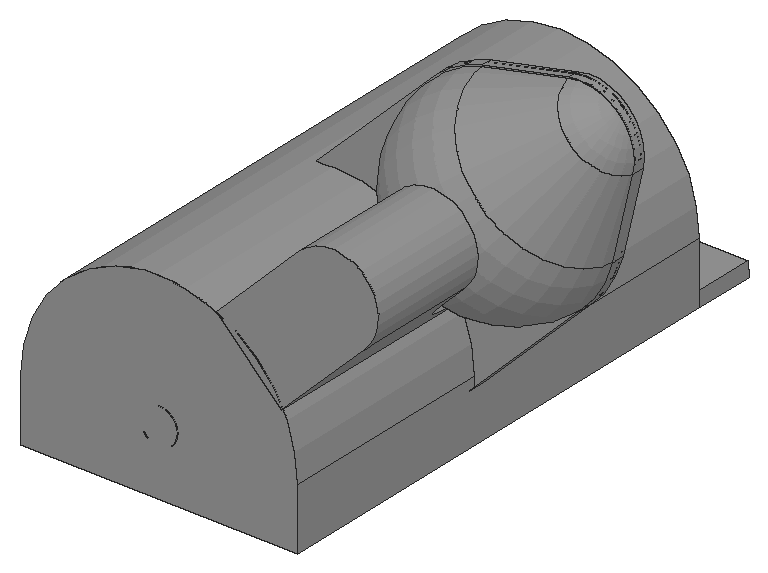
Revit family "Combination-Willoughby-ECF-1806-R-ON", category Plumbing Fixtures, Revit 2015
Parameters (values of type "Standard")
  Waste DIA = 2 3/8"
  Waste Connection = yes
  W-RAD [instance] = Waste DIA / 2  # 0' - 1 3/16"
  Vent Connection = no
  URL = "https://www.willoughby-ind.com/wp-content/uploads/2017/12/1806.pdf"
  Revision = "A"
  Model = "ECF-1806-R-ON"
  Manufacturer = "Willoughby Industries"
  Lav Waste DIA = 1 1/2"
  Lav Waste Connection = yes
  L-RAD [instance] = Lav Waste DIA / 2  # 0' - 0 3/4"
  HW Connection = no
  Flush inlet DIA = 1 1/2"
  Flush Inlet Connection = yes
  Fixture Body = Stainless Steel AISI 304-Willoughby
  F-RAD [instance] = Flush inlet DIA / 2  # 0' - 0 3/4"
  Description = "1806 Combination Unit, Wall toilet waste outlet, Right toilet, On Floor mounted, 1.28 GPM"
  Default Elevation = 0' - 0"
  Contact Number = "(800) 428-4065"
  CW Connection = no
Reference planes (in)
  plane 1 "Center (Front/Back)": y = -16.25
  plane 2: z = 0
  plane 3 "Center (Left/Right)": x = 0
  plane 4 "Base": y = -16.25
  plane 5 "Rim hight": y = -1.5
  plane 6 "Seat height": y = -1.25
  plane 7: y = 20.25
  plane 8 "Waste offset": x = 0
  plane 9 "Lwaste ht": y = 8
  plane 10 "flush inlet HT": y = 4.25
  plane 11 "Left Sweep": through (11.84696, 0, 16.09696) normal (0.7071, 0, -0.7071)
  plane 12 "Right Sweep": through (-12.20051, 0, 16.45051) normal (0.7071, 0, 0.7071)
  plane 13: through (-55.90549, 0, 60.15549) normal (-0.7071, 0, -0.7071)
  plane 14: x = 6.375
  plane 15: x = 9
  plane 16 "Floor Waste": z = 4.25
Forms (in)
  Extrusion 1, solid, material "Stainless Steel AISI 304-Willoughby" <- "Fixture Body"
    sketch origin (0, -16.25, 0) x (1, 0, 0) y (0, 0, 1)
      loop
        line (9, 0) -> (9, 1) -> (-9, 1) -> (-9, 0) -> (9, 0)
    from -36.5 to -32.5
  Extrusion 2, solid, material "Stainless Steel AISI 304-Willoughby" <- "Fixture Body"
    sketch origin (-3.35108, 10.5, 0.89892) x (0.707107, 0, -0.707107) y (0.707107, 0, 0.707107)
      loop
        line (6.0079, 24.25317) -> (2.96593, 29.1083)
        arc (2.96593, 29.1083) -> (0, 30.75) -> (-2.96593, 29.1083) r 3.5
        line (-2.96593, 29.1083) -> (-6.0079, 24.25317)
        arc (-6.0079, 24.25317) -> (-6.68213, 22.74625) -> (-6.9847, 21.12334) r 7
        line (-6.9847, 21.12334) -> (-6.9847, 10.08034)
        arc (-6.9847, 10.08034) -> (0, 12.9735) -> (6.9847, 10.08034) r 9.87786
        line (6.9847, 10.08034) -> (6.9847, 20.19825)
        arc (6.9847, 20.19825) -> (6.80533, 22.30015) -> (6.0079, 24.25317) r 7
      loop
        line (4.24214, 22.50332) -> (1.839, 28.03617)
        arc (1.839, 28.03617) -> (0, 29.25) -> (-1.839, 28.03617) r 2
        line (-1.839, 28.03617) -> (-4.24214, 22.50332)
        arc (-4.24214, 22.50332) -> (0, 16.0358) -> (4.24214, 22.50332) r 4.625
    from 11.75 to 12.5
  Revolve 3, solid, material "Stainless Steel AISI 304-Willoughby" <- "Fixture Body"
    sketch origin (-3.35108, -1.5, 0.89892) x (0.707107, 0, -0.707107) y (0.707107, 0, 0.707107)
      loop
        arc (0, 13.6608) -> (6.08879, 17.20729) -> (6.0079, 24.25317) r 7
        line (6.0079, 24.25317) -> (2.96593, 29.1083)
        arc (2.96593, 29.1083) -> (1.69499, 30.31219) -> (0, 30.75) r 3.5
        line (0, 30.75) -> (0, 30.5)
        arc (0, 30.5) -> (1.57353, 30.09368) -> (2.75361, 28.97631) r 3.25
        line (2.75361, 28.97631) -> (5.71903, 24.24621)
        arc (5.71903, 24.24621) -> (5.9061, 17.39269) -> (0, 13.9108) r 6.75
        line (0, 13.9108) -> (0, 13.6608)
      axis (0, 13.6608) -> (0, 30.75)
    angle from 0 to -180
  Extrusion 4, solid, material "Stainless Steel AISI 304-Willoughby" <- "Fixture Body"
    sketch origin (0, -3.25, -9.00365) x (1, 0, 0) y (0, 0, -1)
      loop
        circle (0, -13.25) r 1.1875
    from -13 to -11.36225
  Extrusion 5, solid, material "Stainless Steel AISI 304-Willoughby" <- "Fixture Body"
    sketch origin (0, 0, 0) x (1, 0, 0) y (0, 1, 0)
      loop
        circle (0, 8) r 0.75
    from -3 to 1
  Extrusion 6, solid, material "Stainless Steel AISI 304-Willoughby" <- "Fixture Body"
    sketch origin (0, 0, 0) x (1, 0, 0) y (0, 1, 0)
      loop
        circle (6.375, 4.25) r 0.75
    from 0 to 1
  Extrusion 7, solid, material "Stainless Steel AISI 304-Willoughby" <- "Fixture Body"
    sketch origin (-77.55739, -16.25, -24.30859) x (1, 0, 0) y (0, 0, 1)
      loop
        line (86.55739, 24.30859) -> (86.55739, 28.33218)
        arc (86.55739, 28.33218) -> (77.55739, 37.33218) -> (68.55739, 28.33218) r 9
        line (68.55739, 28.33218) -> (68.55739, 24.30859) -> (86.55739, 24.30859)
    from -32.5 to 0
  Revolve 8, void
    sketch origin (-0.04219, 16.25, -0.04963) x (1, 0, 0) y (0, 0, 1)
      loop
        spline (6.44903, 7.42683) -> (6.2318, 8.59152) -> (5.59494, 9.67683) -> (4.58183, 10.60881) -> (3.26153, 11.32395) -> (1.724, 11.7735) -> (0.07403, 11.92683) -> (-1.57595, 11.7735) -> (-3.11347, 11.32395) -> (-4.43378, 10.60881) -> (-5.44689, 9.67683) -> (-6.08375, 8.59152) -> (-6.30097, 7.42683)
        line (-6.30097, 7.42683) -> (6.44903, 7.42683)
      axis (6.44903, 7.42683) -> (-6.30097, 7.42683)
    angle from 0 to -180
  Extrusion 9, solid, material "Stainless Steel AISI 304-Willoughby" <- "Fixture Body"
    sketch origin (-39.78935, -16.25, -4.29532) x (0.707107, 0, -0.707107) y (0.707107, 0, 0.707107)
      loop
        line (25.09287, 42.44124) -> (25.09287, 50.05781)
        arc (25.09287, 50.05781) -> (22.09287, 53.05781) -> (19.09287, 50.05781) r 3
        line (19.09287, 50.05781) -> (19.09287, 42.44124) -> (25.09287, 42.44124)
    from 0 to -8.02482
  Extrusion 10, solid, material "Stainless Steel AISI 304-Willoughby" <- "Fixture Body"
    sketch origin (-3.35876, 0, 0.89124) x (0, 1, 0) y (0.707107, 0, 0.707107)
      loop
        line (-8.22518, 13.01347) -> (-2, 13.01347) -> (-2, 13.69664)
        arc (-2, 13.69664) -> (-5.86283, 15.126) -> (-8.22518, 18.5) r 6.90673
        line (-8.22518, 18.5) -> (-8.22518, 13.01347)
    from -3 to 3
Cuts and joins
  Revolve 8 cuts Extrusion 7
  joined: Extrusion 9, Extrusion 10
Lines and regions (in)
  model lines, detail levels coarse+medium
    curve 1: line (9, -16.25, 0) -> (9, -16.25, 1.0625)
    curve 2: line (-9, -16.25, 1.0625) -> (-9, -16.25, 0)
    curve 3: line (9, -16.25, 4.02359) -> (9, -16.25, 1.0625)
    curve 4: line (-9, -16.25, 1.0625) -> (-9, -16.25, 4.02359)
  symbolic lines
    curve 5: line (-9, -16.25, 0) -> (9, -16.25, 0)
    curve 6: line (9, -16.25, 0) -> (9, -16.25, 4.02359)
    curve 7: line (-9, -16.25, 0) -> (-9, -16.25, 4.02359)
    curve 8: arc (-9, -16.25, 4.02359) -> (0, -16.25, 13.02359) -> (9, -16.25, 4.02359) r 9
    curve 12: line (9, -16.25, 3.37214) -> (15.87017, -16.25, 10.24231)
    curve 13: line (18.04672, -16.25, 13.80027) -> (19.32882, -16.25, 19.38436)
    curve 14: arc (19.32882, -16.25, 19.38436) -> (19.28141, -16.25, 21.13434) -> (18.39245, -16.25, 22.64245) r 3.5
    curve 15: arc (18.39245, -16.25, 22.64245) -> (16.88434, -16.25, 23.53141) -> (15.13436, -16.25, 23.57882) r 3.5
    curve 16: line (15.13436, -16.25, 23.57882) -> (9.69373, -16.25, 22.33122)
    curve 17: arc (9.69373, -16.25, 22.33122) -> (7.66855, -16.25, 21.51777) -> (5.99231, -16.25, 20.12017) r 7
    curve 18: line (5.99231, -16.25, 20.12017) -> (-1.18226, -16.25, 12.9456)
    curve 24: arc (15.87017, -16.25, 10.24231) -> (17.24857, -16.25, 11.84381) -> (18.04672, -16.25, 13.80027) r 6.56384
    curve 25: line (0, -16.25, 0) -> (0, 20.25, 0)
    curve 26: line (0, 20.25, 0) -> (0, 20.25, 1)
    curve 27: line (0, 20.25, 1) -> (0, 16.25, 1)
    curve 28: line (0, 16.25, 1) -> (0, 16.25, 13.02359)
    curve 29: line (0, 16.25, 13.02359) -> (0, -16.25, 13.02359)
    curve 30: line (0, -16.25, 13.02359) -> (0, -16.25, 0)
    curve 31: line (0, -2, 8.53425) -> (0, -2, 3.38322)
    curve 32: line (0, -2, 3.38322) -> (0, -1.25, 3.38322)
    curve 33: line (0, -1.25, 3.38322) -> (0, -1.25, 23.66758)
    curve 34: line (0, -1.25, 23.66758) -> (0, -2, 23.66758)
    curve 35: arc (0, -2, 23.66758) -> (0, -2.97383, 23.32674) -> (0, -3.84197, 22.76919) r 4.41512
    curve 36: line (0, -3.84197, 22.76919) -> (0, -5.84484, 21.00201)
    curve 37: arc (0, -5.84484, 21.00201) -> (0, -7.44998, 19.21416) -> (0, -8.33365, 16.97989) r 6.80427
    curve 38: line (0, -8.33365, 16.97989) -> (0, -16.25, 16.97989)
    curve 39: arc (0, -2, 8.53425) -> (0, -5.01664, 9.44629) -> (0, -7.31482, 11.60276) r 6.91192
    curve 40: arc (0, -7.31482, 11.60276) -> (0, -8.02928, 13.07924) -> (0, -8.31912, 14.69369) r 6.02607
    curve 41: line (0, -8.31912, 14.69369) -> (0, -8.31912, 16.94369)
    curve 42: line (0, -4.86433, 9.36091) -> (0, -16.25, 9.36091)
    curve 43: line (-9, -16.25, 0) -> (-9, 20.25, 0)
    curve 44: line (-9, 20.25, 0) -> (9, 20.25, 0)
    curve 45: line (9, 20.25, 0) -> (9, -16.25, 0)
    curve 46: line (9, -16.25, 0) -> (-9, -16.25, 0)
    curve 47: line (-9, 16.25, 0) -> (9, 16.25, 0)
    curve 48: line (-1.16214, -2, 0) -> (4.25687, -2, 0)
    curve 49: arc (4.25687, -2, 0) -> (5.8291, -5.91885, 0) -> (9.36833, -8.2217, 0) r 7.00373
    curve 50: arc (9.36833, -8.2217, 0) -> (11.03885, -8.47892, 0) -> (12.72325, -8.33886, 0) r 7.18676
    curve 51: arc (12.72325, -8.33886, 0) -> (14.41888, -7.74661, 0) -> (15.89468, -6.72293, 0) r 6.66221
    curve 52: line (15.89468, -6.72293, 0) -> (18.52141, -3.84237, 0)
    curve 53: arc (18.52141, -3.84237, 0) -> (19.10241, -2.98584, 0) -> (19.41758, -2, 0) r 3.62355
    curve 54: line (19.41758, -2, 0) -> (19.41758, -1.25, 0)
    curve 55: line (19.41758, -1.25, 0) -> (-1.16214, -1.25, 0)
    curve 56: line (-1.16214, -1.25, 0) -> (-1.16214, -2, 0)
    curve 57: line (5.10781, -4.85514, 0) -> (5.10781, -16.25, 0)
    curve 58: line (12.72325, -8.33886, 0) -> (12.72325, -16.25, 0)
    curve 59: line (12.72325, -16.25, 0) -> (6.375, -16.25, 0)
    curve 60: line (0, -16.25, 16.97989) -> (0, -16.25, 9.36091)
  symbolic lines, detail levels medium+fine
    curve 9: line (9, -16.25, 1) -> (-9, -16.25, 1)
  symbolic lines, detail levels fine
    curve 10: spline (6.40684, -16.25, 7.3772) -> (6.18962, -16.25, 6.21252) -> (5.55275, -16.25, 5.1272) -> (4.53965, -16.25, 4.19522) -> (3.21934, -16.25, 3.48009) -> (1.68181, -16.25, 3.03054) -> (0.03184, -16.25, 2.8772) -> (-1.61813, -16.25, 3.03054) -> (-3.15566, -16.25, 3.48009) -> (-4.47597, -16.25, 4.19522) -> (-5.48907, -16.25, 5.1272) -> (-6.12594, -16.25, 6.21252) -> (-6.34316, -16.25, 7.3772)
    curve 11: spline (-6.34316, -16.25, 7.3772) -> (-6.12594, -16.25, 8.54189) -> (-5.48907, -16.25, 9.6272) -> (-4.47597, -16.25, 10.55918) -> (-3.15566, -16.25, 11.27432) -> (-1.61813, -16.25, 11.72387) -> (0.03184, -16.25, 11.8772) -> (1.68181, -16.25, 11.72387) -> (3.21934, -16.25, 11.27432) -> (4.53965, -16.25, 10.55918) -> (5.55275, -16.25, 9.6272) -> (6.18962, -16.25, 8.54189) -> (6.40684, -16.25, 7.3772)
    curve 19: line (15.17311, -16.25, 22.02386) -> (9.56153, -16.25, 19.81081)
    curve 20: arc (9.56153, -16.25, 19.81081) -> (7.98794, -16.25, 12.23794) -> (15.56081, -16.25, 13.81153) r 4.625
    curve 21: line (15.56081, -16.25, 13.81153) -> (17.77386, -16.25, 19.42311)
    curve 22: arc (17.77386, -16.25, 19.42311) -> (17.87353, -16.25, 20.56813) -> (17.33179, -16.25, 21.58179) r 2.01767
    curve 23: arc (17.33179, -16.25, 21.58179) -> (16.31813, -16.25, 22.12353) -> (15.17311, -16.25, 22.02386) r 2.01767
Dimensions and locks (in)
  locked: plane 6 "Seat height" to plane 5 "Rim hight" at 0.25
  plane 6 "Seat height" to plane 4 "Base" = 1' - 3"  (x2)
  locked: Extrusion 2 to Extrusion 2 at 0.75
  plane 9 "Lwaste ht" to plane 4 "Base" = 2' - 0 1/4"
  plane 10 "flush inlet HT" to plane 4 "Base" = 1' - 8 1/2"  (x2)
  plane 14 to plane 15 = 0' - 2 5/8"
  locked: cut or joined group of Extrusion 7, Revolve 8 to cut or joined group of Extrusion 7, Revolve 8 at 18
  plane 9 "Lwaste ht" to plane 1 "Center (Front/Back)" = 2' - 0 1/4"
  plane 2 to plane 16 "Floor Waste" = 0' - 4 1/4"
  plane 16 "Floor Waste" to level = 0' - 4 1/4"
  cut or joined group of Extrusion 7, Revolve 8 to plane 4 "Base" = 2' - 8 1/2"
  plane 4 "Base" to plane 7 = 3' - 0 1/2"
  Extrusion 1 to plane 15 = 1' - 6"
  locked: plane 3 "Center (Left/Right)" to plane 15 at 9
  "W-RAD": radius of Extrusion 4 sketch curve
  "L-RAD": radius of Extrusion 5 sketch curve
  "F-RAD": radius of Extrusion 6 sketch curve
  radius of cut or joined group of Extrusion 7, Revolve 8 = 0' - 9"
  aligned and locked: Extrusion 1 to plane 7
  aligned and locked: plane 8 "Waste offset" to Extrusion 4 sketch curve
  aligned and locked: plane 9 "Lwaste ht" to Extrusion 5 sketch curve
  aligned and locked: Extrusion 5 sketch curve to plane 8 "Waste offset"
  aligned and locked: plane 10 "flush inlet HT" to Extrusion 6 sketch curve
  aligned and locked: Extrusion 2 to plane 6 "Seat height"
  aligned and locked: Revolve 3 to plane 5 "Rim hight"
  aligned and locked: Revolve 8 sketch curve to Revolve 8 sketch curve
  aligned and locked: plane 14 to Extrusion 6 sketch curve
  aligned and locked: plane 15 to cut or joined group of Extrusion 7, Revolve 8
  aligned and locked: plane 1 "Center (Front/Back)" to Extrusion 7
  aligned and locked: Extrusion 7 to Extrusion 1  (x2)
  aligned and locked: Extrusion 1 to Extrusion 7
  aligned and locked: Extrusion 1 to cut or joined group of Extrusion 7, Revolve 8  (x2)
  aligned and locked: Extrusion 7 to level
  aligned and locked: Extrusion 7 to plane 15
  aligned and locked: Extrusion 1 to Extrusion 5
  aligned and locked: Extrusion 1 to level
Automatic sketch dimensions
  Extrusion 1 sketch curve to level = 0' - 0"
  level to Extrusion 1 sketch curve = 0' - 1"
  Extrusion 2 sketch curve to Extrusion 2 sketch curve = 0' - 0"  (x8)
  Extrusion 2 sketch curve to plane 11 "Left Sweep" = 0' - 0"  (x3)
  Extrusion 2 sketch curve to plane 11 "Left Sweep" = 0' - 1.839"
  Extrusion 2 sketch curve to Extrusion 2 sketch curve = 0' - 1.12693"  (x2)
  Extrusion 2 sketch curve to plane 11 "Left Sweep" = 0' - 4.24214"
  Extrusion 2 sketch curve to Extrusion 2 sketch curve = 0' - 1.76576"  (x2)
  plane 12 "Right Sweep" to Extrusion 2 sketch curve = 0' - 5.34119"
  Extrusion 2 sketch curve to plane 11 "Left Sweep" = 0' - 6.9847"
  plane 11 "Left Sweep" to Extrusion 2 sketch curve = 0' - 1.839"
  plane 11 "Left Sweep" to Extrusion 2 sketch curve = 0' - 4.24214"
  plane 11 "Left Sweep" to Extrusion 2 sketch curve = 0' - 6.9847"
  Extrusion 2 sketch curve to plane 12 "Right Sweep" = 0' - 1.64351"
  Extrusion 2 sketch curve to Extrusion 2 sketch curve = 0' - 10.11791"
  Extrusion 2 sketch curve to Extrusion 2 sketch curve = 0' - 0.46255"  (x2)
  Extrusion 2 sketch curve to Extrusion 2 sketch curve = 0' - 1.74985"
  Extrusion 2 sketch curve to Extrusion 2 sketch curve = 0' - 4.74668"
  Extrusion 2 sketch curve to Extrusion 2 sketch curve = 0' - 0.78617"
  Extrusion 2 sketch curve to Extrusion 2 sketch curve = 0' - 1.07212"
  Revolve 3 sketch curve to Revolve 3 sketch curve = 0' - 0"  (x3)
  Revolve 3 sketch curve to plane 11 "Left Sweep" = 0' - 0"  (x4)
  plane 11 "Left Sweep" to Revolve 3 sketch curve = 0' - 2.75361"
  Revolve 3 sketch curve to Revolve 3 sketch curve = 0' - 0.21232"
  Revolve 3 sketch curve to Revolve 3 sketch curve = 0' - 2.96542"
  Revolve 3 sketch curve to Revolve 3 sketch curve = 0' - 0.28887"
  plane 12 "Right Sweep" to Revolve 3 sketch curve = 0' - 8.92165"
  Revolve 3 sketch curve to Revolve 3 sketch curve = 0' - 0 1/4"
  Revolve 3 sketch curve to Revolve 3 sketch curve = 0' - 4.3392"
  Revolve 3 sketch curve to Revolve 3 sketch curve = 0' - 2.4108"
  Revolve 3 sketch curve to Revolve 3 sketch curve = 0' - 3.3392"
  Revolve 3 sketch curve to Revolve 3 sketch curve = 0' - 3 1/4"
  Revolve 3 sketch curve to Revolve 3 sketch curve = 0' - 1.72631"
  Revolve 3 sketch curve to Revolve 3 sketch curve = 0' - 0.13199"
  Extrusion 7 sketch curve to level = 0' - 0"
  plane 3 "Center (Left/Right)" to Extrusion 7 sketch curve = 0' - 0"
  level to Extrusion 7 sketch curve = 0' - 4.02359"
  plane 3 "Center (Left/Right)" to Revolve 8 sketch curve = 0' - 0.03184"
  Revolve 8 sketch curve to Revolve 8 sketch curve = 0' - 0 7/8"
  level to Revolve 8 sketch curve = 0' - 7.3772"
  Revolve 8 sketch curve to Revolve 8 sketch curve = 0' - 5 1/8"
  Extrusion 10 sketch curve to Extrusion 10 sketch curve = 0' - 0.68317"
  Extrusion 10 sketch curve to Extrusion 10 sketch curve = 0' - 5.48653"
  plane 5 "Rim hight" to Extrusion 10 sketch curve = 0' - 0 1/2"
  plane 5 "Rim hight" to Extrusion 10 sketch curve = 0' - 0.14358"
  plane 12 "Right Sweep" to Extrusion 10 sketch curve = 0' - 8.26347"
  Extrusion 10 sketch curve to Extrusion 10 sketch curve = 0' - 6.5816"
  curve 2 to level = 0' - 0"
  Extrusion 4 sketch curve to plane 16 "Floor Waste" = 0' - 0.00365"
  Extrusion 1 sketch curve to plane 3 "Center (Left/Right)" = 0' - 9"
  plane 15 to Extrusion 7 sketch curve = 0' - 0"
  Revolve 8 sketch curve to plane 3 "Center (Left/Right)" = 0' - 6.34316"
  plane 15 to Extrusion 1 sketch curve = 0' - 0"
  curve 3 to plane 16 "Floor Waste" = 0' - 0.22641"
  plane 15 to curve 3 = 0' - 0"
  curve 1 to level = 0' - 0"
  curve 2 to curve 2 = 0' - 1 1/16"
  curve 1 to curve 1 = 0' - 1 1/16"
  curve 14 to curve 15 = 0' - 0"  (x2)
  curve 17 to curve 20 = 0' - 0"  (x2)
  curve 14 to plane 11 "Left Sweep" = 0' - 0"  (x2)
  curve 23 to plane 11 "Left Sweep" = 0' - 0"
  curve 20 to plane 11 "Left Sweep" = 0' - 0"
  plane 15 to curve 8 = 0' - 0"
  curve 8 to plane 3 "Center (Left/Right)" = 0' - 0"
  curve 5 to level = 0' - 0"
  curve 6 to plane 16 "Floor Waste" = 0' - 0.22641"
  plane 16 "Floor Waste" to curve 21 = 0' - 9.56153"
  curve 24 to curve 21 = 0' - 1.45757"
  curve 17 to curve 24 = 0' - 0.23921"
  curve 13 to curve 20 = 0' - 5.57284"
  curve 21 to curve 13 = 0' - 0.03875"
  curve 19 to plane 15 = 0' - 0.56153"
  curve 19 to curve 17 = 0' - 4.30251"
  curve 18 to plane 14 = 0' - 0.38269"
  curve 18 to curve 19 = 0' - 0.30935"
  curve 23 to curve 21 = 0' - 0.72376"
  curve 22 to curve 23 = 0' - 0.01646"
  curve 15 to curve 22 = 0' - 0.00424"
  curve 19 to plane 15 = 0' - 6.17311"
  curve 19 to curve 22 = 0' - 1.86052"
  curve 16 to plane 15 = 0' - 0.69373"
  curve 16 to plane 15 = 0' - 6.13436"
  curve 16 to curve 19 = 0' - 1.55496"
  curve 13 to curve 21 = 0' - 1.55496"
  curve 15 to curve 23 = 0' - 0.00424"
  curve 24 to curve 20 = 0' - 0.39103"
  curve 9 to curve 5 = 0' - 1"
  curve 6 to curve 12 = 0' - 0.65145"
  plane 3 "Center (Left/Right)" to curve 10 = 0' - 0.03184"
  plane 16 "Floor Waste" to curve 10 = 0' - 3.1272"
  curve 20 to curve 12 = 0' - 3.56922"
  curve 18 to plane 3 "Center (Left/Right)" = 0' - 1.18226"
  curve 20 to curve 13 = 0' - 0.01125"
  curve 13 to curve 20 = 0' - 2.48591"
  plane 14 to curve 10 = 0' - 0.03184"
  plane 1 "Center (Front/Back)" to curve 43 = 0' - 0"
  plane 7 to curve 43 = 0' - 0"
  plane 6 "Seat height" to curve 56 = 0' - 0"
  curve 59 to plane 14 = 0' - 0"
  curve 46 to plane 15 = 0' - 0"
  plane 1 "Center (Front/Back)" to curve 58 = 0' - 0"
  plane 5 "Rim hight" to curve 48 = 0' - 0 1/2"
  curve 48 to plane 14 = 0' - 2.11813"
  curve 55 to plane 3 "Center (Left/Right)" = 0' - 1.16214"
  curve 46 to plane 3 "Center (Left/Right)" = 0' - 9"
  curve 49 to plane 5 "Rim hight" = 0' - 0.0271"
  curve 49 to plane 15 = 0' - 2.24074"
  plane 6 "Seat height" to curve 50 = 0' - 0.04654"
  curve 49 to curve 50 = 0' - 0.04893"
  plane 5 "Rim hight" to curve 51 = 0' - 0.31054"
  curve 49 to curve 51 = 0' - 0.15357"
  curve 49 to curve 58 = 0' - 3.35492"
  curve 53 to plane 5 "Rim hight" = 0' - 0.09918"
  curve 51 to curve 53 = 0' - 4.44961"
  plane 5 "Rim hight" to curve 52 = 0' - 5.22293"
  plane 5 "Rim hight" to curve 52 = 0' - 2.34237"
  curve 53 to curve 52 = 0' - 2.6775"
  curve 52 to curve 55 = 0' - 0.89617"
  curve 57 to plane 14 = 0' - 1.26719"
  curve 47 to curve 44 = 0' - 4"
  curve 25 to level = 0' - 0"
  curve 25 to plane 1 "Center (Front/Back)" = 0' - 0"
  curve 38 to plane 1 "Center (Front/Back)" = 0' - 0"
  curve 33 to plane 6 "Seat height" = 0' - 0"
  curve 26 to plane 7 = 0' - 0"
  plane 5 "Rim hight" to curve 38 = 0' - 6.83365"
  curve 38 to curve 41 = 0' - 0.01453"
  plane 5 "Rim hight" to curve 36 = 0' - 4.34484"
  plane 5 "Rim hight" to curve 36 = 0' - 2.34197"
  plane 5 "Rim hight" to curve 40 = 0' - 0.79814"
  plane 5 "Rim hight" to curve 32 = 0' - 0 1/2"
  plane 5 "Rim hight" to curve 34 = 0' - 0 1/2"
  plane 5 "Rim hight" to curve 37 = 0' - 0.16386"
  plane 5 "Rim hight" to curve 39 = 0' - 0.06068"
  curve 35 to plane 6 "Seat height" = 0' - 0.21163"
  plane 7 to curve 28 = 0' - 4"
  level to curve 27 = 0' - 1"
  curve 32 to plane 16 "Floor Waste" = 0' - 0.86678"
  plane 16 "Floor Waste" to curve 31 = 0' - 4.28425"
  plane 16 "Floor Waste" to curve 29 = 0' - 8.77359"
  curve 29 to curve 41 = 0' - 1.6701"
  curve 41 to curve 40 = 0' - 0.24771"
  curve 40 to curve 39 = 0' - 0.49079"
  curve 39 to curve 37 = 0' - 0.20164"
  curve 40 to curve 38 = 0' - 2.28619"
  curve 37 to curve 35 = 0' - 3.72463"
  curve 37 to curve 36 = 0' - 1.76718"
  curve 42 to curve 31 = 0' - 2.86433"
  curve 41 to curve 38 = 0' - 0.03619"
  curve 4 to plane 16 "Floor Waste" = 0' - 0.22641"
  curve 4 to plane 3 "Center (Left/Right)" = 0' - 9"
  Extrusion 9 sketch curve to plane 11 "Left Sweep" = 0' - 0"
  Extrusion 9 sketch curve to plane 11 "Left Sweep" = 0' - 3"
  plane 12 "Right Sweep" to Extrusion 9 sketch curve = 0' - 8.26347"
  Extrusion 9 sketch curve to Extrusion 9 sketch curve = 0' - 7.61657"
Connectors (in)
  piping at (0, -16.25, 4.24635), diameter 2.375, driven by "W-RAD", driven by "Waste Connection"
    settings: on Extrusion 4, index 1, connector inside diameter 2 1/4", connector length 0' - 0", flow factor 0, pipe flow 0 GPM, pressure drop 0.00 psi, fitting loss kfactor 0, connector angle 0.00°, fixture units 0, engagement length 0' - 0", angle of deflection 0.00°, flow configuration 3, flow direction 2, fitting loss method 0, system type 16, joint type 0, gender type 0, connector reference index -1, connector utility 1, adjustable connector yes, is connector primary yes, connector description "Toilet Waste"
  piping at (0, 8, 1), diameter 1.5, driven by "L-RAD", driven by "Lav Waste Connection"
    settings: on Extrusion 5, index 2, connector inside diameter 1 1/2", connector length 0' - 0", flow factor 0, pipe flow 0 GPM, pressure drop 0.00 psi, fitting loss kfactor 0, connector angle 0.00°, fixture units 0, engagement length 0' - 0", angle of deflection 0.00°, flow configuration 3, flow direction 2, fitting loss method 0, system type 16, joint type 0, gender type 0, connector reference index -1, connector utility 1, adjustable connector yes, is connector primary no, connector description "Sink Waste"
  piping at (6.375, 4.25, 1), diameter 1.5
    settings: on Extrusion 6, index 3, connector inside diameter 24", connector length 0' - 0", flow factor 0, pipe flow 1.28 GPM, pressure drop 0.00 psi, fitting loss kfactor 0, connector angle 0.00°, fixture units 0, engagement length 0' - 0", angle of deflection 0.00°, flow configuration 0, flow direction 0, fitting loss method 0, system type 7, joint type 0, gender type 0, connector reference index -1, connector utility 0, adjustable connector no, is connector primary no, connector description ""
